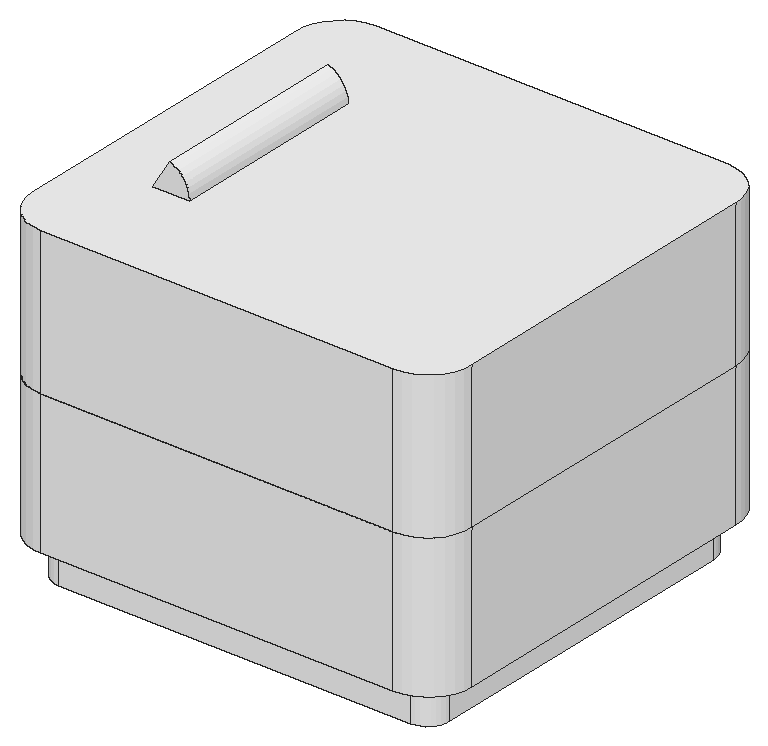
Revit family "Gira_044630", category Electrical Fixtures, host Face, Revit 2017
Family settings
  Host = Face
  Maintain Annotation Orientation = Yes
  Round Connector Dimension = Use Diameter
  Part Type = Normal
  Cut with Voids When Loaded = No
  Shared = No
  Room Calculation Point = No
Parameters (values of type "SCHUKO KD OR + BSF WG AP Orange")
  Überspannungsschutz = "No"
  Werkstoffgüte = "sonstige"
  Werkstoff = "sonstige"
  Verdrehter Zentraleinsatz = "No"
  URL = "http://katalog.gira.de/de_DE/datenblatt.html?artikelnr=044630"
  Transparent = "No"
  Textfeld/Beschriftungsfläche = "Yes"
  Sonderstromversorgung = "zusätzliche Sicherheitsversorgung (orange)"
  Schutzleiterkontakt rund = "No"
  Schutzkontakt = "Yes"
  Region = "DE"
  Oberfläche = "sonstige"
  Nennstrom = "16 Ampere"
  Nennspannung = "250 Volt"
  Name = "SCHUKO KD OR + BSF WG AP Orange"
  Montageart = "auf Putz"
  Mit erhöhtem Berührungsschutz = "No"
  Mit eingebauter USB-Spannungsversorgung = "No"
  Mit Signallampe = "No"
  Mit Orientierungsbeleuchtung = "No"
  Mit Klappdeckel = "Yes"
  Mit Funktionsbeleuchtung = "No"
  Mit Feinsicherung = "No"
  Mit Ein-/Ausschalter = "No"
  Mit Durchschleiffunktion = "No"
  Manufacturer URL = "https://www.gira.de/"
  Keynote = "IP44_Komplettgerät_Steckdose"
  Isolierter Einbau = "No"
  HeinzeBIM = "https://bimportal.heinze.de/bim/schuko-kd-or-bsf-wg-ap-orange/882a982c10afba42a8e0f0aaf0d738539615d737"
  Halogenfrei = "No"
  HAN = "044630"
  Geeignet für Schutzart (IP) = "IP44"
  GTIN = "4010337446309"
  Für "erschwerte Bedingungen" (nach VDE) = "No"
  Fehlerstromschutz = "No"
  Farbe = "orange"
  Default Elevation = 1219.2 mm
  Data sheet (1) = "https://katalog.gira.de/de_DE/download.html?artikelnr=044630"
  Category = "Steckdose"
  Befestigungsart = "Befestigung mit Schraube"
  Available = "Yes"
  Auswurfmechanismus = "No"
  Ausführung = "Schuko"
  Aufdruck/Kennzeichnung = "ohne Aufdruck"
  Anzahl der Steckdosen schaltbar = "0 "
  Anzahl der Module (bei Modulbauweise) = "1 "
  Anzahl der Einheiten = "1 "
  Antibakterielle Behandlung = "No"
  Anschlussart = "Steckklemme"
  Abschließbar = "No"
Reference planes
  plane 1 "Center (Front/Back)": y = 0
  plane 2: z = 0
  plane 3 "Center (Left/Right)": x = 0
Forms (mm)
  Extrusion 1, solid, material "White", detail levels fine
    sketch origin (41, 0, 0) x (1, 0, 0) y (0, 1, 0)
      loop
        line (-9, 38) -> (-73, 38)
        arc (-73, 38) -> (-78.657, 35.657) -> (-81, 30) r 8
        line (-81, 30) -> (-81, -30)
        arc (-81, -30) -> (-78.657, -35.657) -> (-73, -38) r 8
        line (-73, -38) -> (-9, -38)
        arc (-9, -38) -> (-3.343, -35.657) -> (-1, -30) r 8
        line (-1, -30) -> (-1, 30)
        arc (-1, 30) -> (-3.343, 35.657) -> (-9, 38) r 8
    from 0 to 26
  Extrusion 2, solid, material "White", detail levels fine
    sketch origin (41, 0, 0) x (1, 0, 0) y (0, 1, 0)
      loop
        line (-9, 38) -> (-73, 38)
        arc (-73, 38) -> (-78.657, 35.657) -> (-81, 30) r 8
        line (-81, 30) -> (-81, -30)
        arc (-81, -30) -> (-78.657, -35.657) -> (-73, -38) r 8
        line (-73, -38) -> (-9, -38)
        arc (-9, -38) -> (-3.343, -35.657) -> (-1, -30) r 8
        line (-1, -30) -> (-1, 30)
        arc (-1, 30) -> (-3.343, 35.657) -> (-9, 38) r 8
    from 26 to 52.5
  Extrusion 3, solid, material "White", detail levels fine
    sketch origin (41, 0, 0) x (1, 0, 0) y (0, 0, 1)
      loop
        line (-68.7, 52.5) -> (-62.067, 52.5)
        arc (-62.067, 52.5) -> (-63.019, 55.628) -> (-65.7, 57.5) r 5
        line (-65.7, 57.5) -> (-68.7, 52.5)
    from 18 to -18
  Extrusion 4, solid, material "White", detail levels medium
    sketch origin (41, -5.734, 0) x (1, 0, 0) y (0, 1, 0)
      loop
        line (-9, 43.734) -> (-73, 43.734)
        arc (-73, 43.734) -> (-78.657, 41.391) -> (-81, 35.734) r 8
        line (-81, 35.734) -> (-81, -24.266)
        arc (-81, -24.266) -> (-78.657, -29.923) -> (-73, -32.266) r 8
        line (-73, -32.266) -> (-9, -32.266)
        arc (-9, -32.266) -> (-3.343, -29.923) -> (-1, -24.266) r 8
        line (-1, -24.266) -> (-1, 35.734)
        arc (-1, 35.734) -> (-3.343, 41.391) -> (-9, 43.734) r 8
    from 0 to 52.5
  Extrusion 5, solid, material "White", detail levels medium
    sketch origin (41, 0, 0) x (1, 0, 0) y (0, 0, 1)
      loop
        line (-68.7, 57.5) -> (-68.7, 52.5) -> (-62.067, 52.5) -> (-62.067, 57.5) -> (-68.7, 57.5)
    from -18 to 18
  Extrusion 6, solid, material "White", detail levels coarse
    sketch origin (41, 0, 0) x (1, 0, 0) y (0, 1, 0)
      loop
        line (-1, 38) -> (-81, 38) -> (-81, -38) -> (-1, -38) -> (-1, 38)
    from -7 to 57.5
  Extrusion 7, solid, material "White", detail levels medium+fine
    sketch origin (41, 0, 0) x (1, 0, 0) y (0, 1, 0)
      loop
        line (-9, 34) -> (-73, 34)
        arc (-73, 34) -> (-75.828, 32.828) -> (-77, 30) r 4
        line (-77, 30) -> (-77, -30)
        arc (-77, -30) -> (-75.828, -32.828) -> (-73, -34) r 4
        line (-73, -34) -> (-9, -34)
        arc (-9, -34) -> (-6.172, -32.828) -> (-5, -30) r 4
        line (-5, -30) -> (-5, 30)
        arc (-5, 30) -> (-6.172, 32.828) -> (-9, 34) r 4
    from 0 to -7
Dimensions and locks
  Extrusion 6 to plane 3 "Center (Left/Right)" to Extrusion 6 = 40 mm, 40 mm
  aligned and locked: plane 2 to host face
  aligned and locked: level to host face
  aligned and locked: plane 3 "Center (Left/Right)" to nested 1
  aligned and locked: plane 1 "Center (Front/Back)" to nested 1
Nested families
  nested 1: "Steckdose 1-fach Beschriftung" at (0, 0, 0), type "Steckdose 1-fach Beschriftung"
Connectors
  electrical at (0, 0, -7)
    settings: on Extrusion 7, index 1, voltage 220 V, apparent load 0 VA, apparent load phase1 0 VA, apparent load phase2 0 VA, apparent load phase3 0 VA, power factor 1, load classification "Other", number of poles 1, system type 31, power factor state 1, is connector primary yes, connector utility no, sub classification motor no, connector description ""
Definition of nested family "Steckdose 1-fach Beschriftung"
  Reference planes
    plane 1: y = 0
    plane 2: x = 0
  Lines and regions (mm)
    detail lines
      curve 1: line (0, 0, 0) -> (0, 2, 0)
      curve 3: line (0, 2, 0) -> (-1, 2, 0)
      curve 4: arc (1, 3, 0) -> (0, 2, 0) -> (-1, 3, 0) r 1
      curve 5: line (0, 2, 0) -> (1, 2, 0)
    reference lines
      curve 2: line (-0.485, 3, 0) -> (2.315, 3, 0)
  Dimensions and locks
    curve 1 to curve 1 = 2 mm
    plane 1 to curve 2 = 3 mm
    curve 3 to curve 3 = 1 mm
